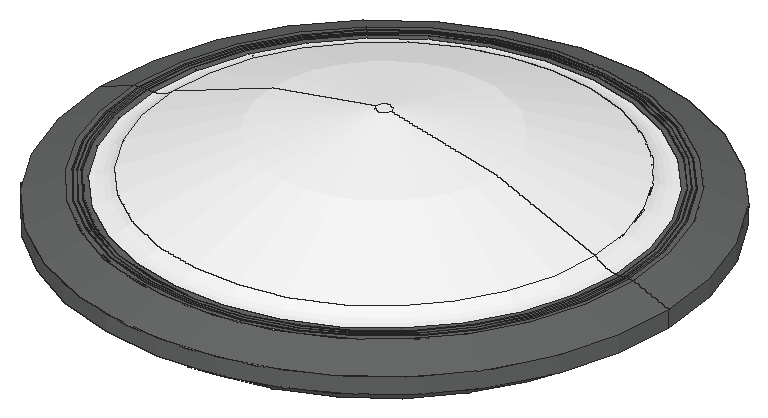
Revit family "PGL8_Surface_Mount", category Lighting Fixtures, host Face, Revit 2014
Parameters (values of type "PGL8")
  Width = 15.88"
  Wattage = 111.6 W
  Warranty = "5 Years Limited Warranty"
  built-in parameter 1150110 = 1 (stored number, unit not read)
  URL = "https://www.hubbell.com/kimlighting/en/"
  Type Comments = "Light Fixture"  # constant formula
  built-in parameter 1114217 = 1 (stored number, unit not read)
  Tilt Angle = -90.00°
  built-in parameter 1150109 = 1 (stored number, unit not read)
  built-in parameter 1150134 = 3
  built-in parameter 1150113 = 1 (stored number, unit not read)
  Product page URL = "https://www.hubbell.com/kimlighting/en/Products/Lighting-Controls/Commercial-Outdoor-Lighting/Ceiling-Canopy-Garage/PGL8/p/3921794"
  Product Documentation = "https://hubbellcdn.com/specsheet/kl_pgl8_spec.pdf"
  Power Factor = "0.90"
  Photometric Web File = "PGL8-5C-128L-110-3K7.ies"
  Model = "PGL8"  # constant formula
  Manufacturer = "KIM LIGHTING"  # constant formula
  built-in parameter 1150105 = 950.25 (stored number, unit not read)
  Lumens = 11941.2 lm
  built-in parameter 1150115 = 1 (stored number, unit not read)
  built-in parameter 1150137 = (empty or 0)
  built-in parameter 1150139 = (empty or 0)
  built-in parameter 1150112 = 1 (stored number, unit not read)
  built-in parameter 1150114 = 1 (stored number, unit not read)
  Lamp = "LED"
  built-in parameter 1150132 = (empty or 0)
  built-in parameter 1150102 = (empty or 0)
  built-in parameter 1150107 = 3200 (stored number, unit not read)
  built-in parameter 1150138 = (empty or 0)
  built-in parameter 1150106 = 9.5025 (stored number, unit not read)
  IP Rating = "IP 65"
  Housing = Paint - Hubbell - Basic Black Textured
  Glass = Paint - Hubbell - Matte White
  Features = "Patent pending edge-lit, drop lens optic\r\n• The PGL8 offers exceptional uniformity and visual comfort with four\r\nstandard distribution patterns\r\n• Multiple control options available for an intelligent parking garage\r\nlighting solution\r\n• Integral sensors, battery backup and uplight"  # constant formula
  Emit from Circle Diameter = 14.00"
  Emit Shape Visible in Rendering = no
  built-in parameter 1150104 = 9.9406 (stored number, unit not read)
  Dimming Lamp Color Temperature Shift = <None>
  Dimming Interface = "0-10V"
  Description = "The legacy of the PGL continues with the PGL8 edge-lit with drop lens. The PGL8 provides effective solutions for meeting the dynamics and challenges of parking garage applications including IES recommendations. The drop lens reduces glare providing exceptional visual comfort and performance, making the PGL8 the ideal solution for parking garage and canopy applications."  # constant formula
  Default Elevation = 48.00"
  Contact us = "https://www.hubbell.com/kimlighting/en/contactUs"
  Color Filter = 16777215
  Certifications = "UL listed"
  built-in parameter 1114218 = 1 (stored number, unit not read)
  built-in parameter 1150133 = 10 (stored number, unit not read)
  Assembly Code = "D5020200"
Reference planes (in)
  plane 1 "Center (Front/Back)": y = 0
  plane 2: z = 0
  plane 3 "Center (Left/Right)": x = 0
  plane 4: x = 7.94141
  plane 5: x = -7.44141
  plane 6: x = -7.94
  plane 7: x = 7.94
  plane 8: z = -2.29
  plane 9: z = 2.47
  plane 10: z = 3.84
Forms (in)
  Revolve 1, solid, material "Paint - Hubbell - Basic Black Textured" <- "Housing"
    sketch origin (0, 0, 0) x (1, 0, 0) y (0, 0, 1)
      loop
        line (6.96971, 2.15281) -> (6.84475, 2.15281) -> (6.84475, 2.12057) -> (6.801, 2.12057) -> (6.801, 2.15281) -> (6.73523, 2.15281) -> (6.73523, 2.12057) -> (6.70019, 2.12057) -> (6.70019, 2.15281) -> (6.63381, 2.15281) -> (6.63381, 2.12057) -> (6.59876, 2.12057) -> (6.59876, 2.15281) -> (0, 2.15281) -> (0, 0) -> (5.5, 0)
        arc (5.5, 0) -> (6.77401, 0.562) -> (7.9446, 1.3161) r 8.88724
        line (7.9446, 1.3161) -> (7.9446, 1.75893) -> (6.96971, 2.15281)
      axis (0, 2.15281) -> (0, 0)
    angle from 0 to 360
  Revolve 2, solid, material "Paint - Hubbell - Matte White" <- "Glass"
    sketch origin (0, 0, -2.375) x (1, 0, 0) y (0, 0, 1)
      loop
        line (0, 6.40378) -> (0, 4.52781) -> (6.46971, 4.52781)
        arc (6.46971, 4.52781) -> (6.15461, 4.58638) -> (5.88161, 4.75428) r 0.87683
        arc (5.88161, 4.75428) -> (3.01494, 5.84338) -> (0, 6.40378) r 17.12612
      axis (0, 6.40378) -> (0, 4.52781)
    angle from 0 to 360
  Extrusion 3, void
    sketch origin (0, 0, 0) x (1, 0, 0) y (0, 1, 0)
      loop
        line (-0.04014, 0.92024) -> (-0.04014, 0.74881)
        arc (-0.04014, 0.74881) -> (-0.52954, 0.52803) -> (-0.74233, 0.03511) r 0.74286
        line (-0.74233, 0.03511) -> (-0.91723, 0.03511) -> (-0.91723, -0.03712) -> (-0.74155, -0.03712)
        arc (-0.74155, -0.03712) -> (-0.521, -0.5225) -> (-0.03209, -0.73513) r 0.74286
        line (-0.03209, -0.73513) -> (-0.03209, -0.91421) -> (0.04014, -0.91421) -> (0.04014, -0.73474)
        arc (0.04014, -0.73474) -> (0.52671, -0.51682) -> (0.74198, -0.02908) r 0.74286
        line (0.74198, -0.02908) -> (0.91723, -0.02908) -> (0.91723, 0.04315) -> (0.74198, 0.04315)
        arc (0.74198, 0.04315) -> (0.52386, 0.53374) -> (0.03209, 0.74921) r 0.74286
        line (0.03209, 0.74921) -> (0.03209, 0.92024) -> (-0.04014, 0.92024)
    from 4.00885 to 4.58783
Cuts and joins
  Extrusion 3 cuts Revolve 1
  Extrusion 3 cuts Revolve 2
Dimensions and locks (in)
  equal spacing: plane 6, plane 3 "Center (Left/Right)", plane 7
  "Width": plane 6 to plane 7
  aligned and locked: plane 2 to host face
  aligned and locked: level to host face
Automatic sketch dimensions
  host sketch curve to host sketch curve = 96.00"  (x2)
  Revolve 2 sketch curve to plane 3 "Center (Left/Right)" = 0.00"  (x2)
  Revolve 2 sketch curve to plane 3 "Center (Left/Right)" = 1.60967"
  Revolve 2 sketch curve to plane 7 = 1.47029"
  plane 8 to Revolve 2 sketch curve = 10.73152"
  plane 9 to Revolve 2 sketch curve = 0.31719"
  Revolve 2 sketch curve to plane 9 = 0.55964"
  Revolve 2 sketch curve to plane 10 = 0.18878"
  plane 8 to Revolve 2 sketch curve = 1.335"
  Revolve 2 sketch curve to Revolve 2 sketch curve = 2.84622"
  Extrusion 3 sketch curve to Extrusion 3 sketch curve = 0.00"  (x13)
  Extrusion 3 sketch curve to plane 3 "Center (Left/Right)" = 0.00"
  Extrusion 3 sketch curve to plane 3 "Center (Left/Right)" = 0.03209"
  Extrusion 3 sketch curve to plane 3 "Center (Left/Right)" = 0.04014"
  plane 1 "Center (Front/Back)" to Extrusion 3 sketch curve = 0.03712"
  Extrusion 3 sketch curve to plane 3 "Center (Left/Right)" = 0.74155"
  Extrusion 3 sketch curve to plane 1 "Center (Front/Back)" = 0.03511"
  Extrusion 3 sketch curve to Extrusion 3 sketch curve = 0.00078"
  Extrusion 3 sketch curve to Extrusion 3 sketch curve = 0.17568"
  plane 3 "Center (Left/Right)" to Extrusion 3 sketch curve = 0.03209"
  plane 3 "Center (Left/Right)" to Extrusion 3 sketch curve = 0.04014"
  Extrusion 3 sketch curve to plane 1 "Center (Front/Back)" = 0.04315"
  plane 3 "Center (Left/Right)" to Extrusion 3 sketch curve = 0.74198"
  plane 1 "Center (Front/Back)" to Extrusion 3 sketch curve = 0.02908"
  Extrusion 3 sketch curve to Extrusion 3 sketch curve = 0.17524"
  plane 1 "Center (Front/Back)" to Extrusion 3 sketch curve = 0.73474"
  Extrusion 3 sketch curve to Extrusion 3 sketch curve = 0.17947"
  Extrusion 3 sketch curve to Extrusion 3 sketch curve = 0.17143"
  Revolve 1 sketch curve to plane 3 "Center (Left/Right)" = 0.00"  (x2)
  Revolve 1 sketch curve to level = 0.00"
  plane 3 "Center (Left/Right)" to Revolve 1 sketch curve = 2.56112"
  Revolve 1 sketch curve to plane 7 = 2.44"
  plane 9 to Revolve 1 sketch curve = 0.31719"  (x2)
  Revolve 1 sketch curve to plane 7 = 1.34124"
  Revolve 1 sketch curve to Revolve 1 sketch curve = 0.03505"  (x2)
  Revolve 1 sketch curve to Revolve 1 sketch curve = 0.06638"
  Revolve 1 sketch curve to Revolve 1 sketch curve = 0.06577"
  Revolve 1 sketch curve to Revolve 1 sketch curve = 0.04375"
  Revolve 1 sketch curve to Revolve 1 sketch curve = 0.12495"
  plane 4 to Revolve 1 sketch curve = 0.00319"
  plane 9 to Revolve 1 sketch curve = 1.1539"
  Revolve 1 sketch curve to Revolve 1 sketch curve = 0.03224"  (x4)
  Revolve 1 sketch curve to Revolve 1 sketch curve = 0.00"
  plane 8 to Revolve 1 sketch curve = 14.71"
  Revolve 1 sketch curve to Revolve 1 sketch curve = 0.44282"
  Revolve 1 sketch curve to Revolve 1 sketch curve = 22.54147"
Connectors (in)
  electrical at (0, 0, 1.84575)
    settings: on cut or joined group of Revolve 1, Extrusion 3, index 1, voltage 0 V, apparent load 0 VA, apparent load phase1 0 VA, apparent load phase2 0 VA, apparent load phase3 0 VA, power factor 0.9, load classification "Other", number of poles 1, system type 31, power factor state 1, is connector primary yes, connector utility no, sub classification motor no, connector description "Lighting connector"
